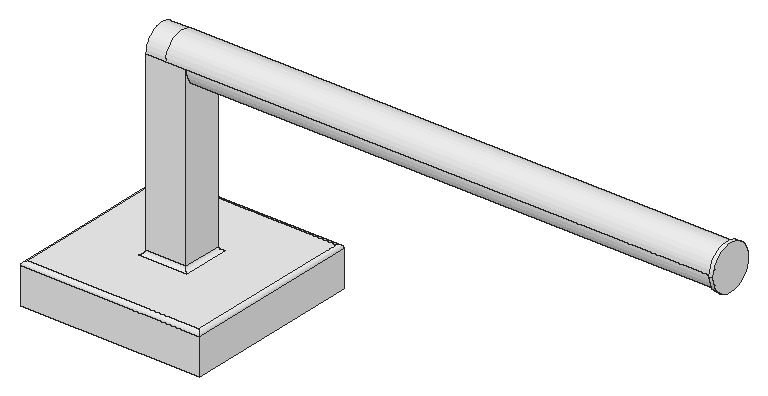
Revit family "Incepa_Acessorios_Suite_Papeleira_B5002CFCR0", category Plumbing Fixtures, host Face, Revit 2014
Parameters (values of type "Papeleira")
  Waste Connection = no
  WFU = 0
  Vent Connection = no
  URL = "http://www.incepa.com.br"
  Type Comments = ""
  Selo de Qualidade ofcdesk = "Standard"
  Model = "B8002I3CR0"
  Metais [instance] = Celite - Cromado
  Manufacturer = "Incepa"
  Keynote = ""
  Incepa: Versão = "Autodesk Revit MEP 2014"
  Incepa: Tipo = "Papeleiras"
  Incepa: Produto = "Metais"
  Incepa: Norma [instance] = "ABNT NBR 10282: 2003"
  Incepa: Linha = "Suite"
  Incepa: Informações Técnicas = "N/A"
  Incepa: Informações Gerais = "N/A"
  Incepa: Fabricante = "Incepa"
  Incepa: Descrição = "Papeleira Suite (B8002I3CR0), Acessórios - Metais Incepa"
  Incepa: Código = "B8002I3CR0"
  Incepa: Cores Disponíveis = "Cromado"
  Incepa: Copyright © = "© 2014 Incepa"
  Incepa: Categoria = "Acessórios"
  Incepa: Altura da Peça [instance] = 0 mm
  HWFU = 0
  HW Connection = no
  Desenvolvido por = "ofcdesk"
  Description = "Papeleira Suite (B8002I3CR0), Acessórios - Metais Incepa"
  Default Elevation = 1400 mm
  Cost = 0
  CWFU = 0
  CW Connection = no
  Assembly Code = "D2010"
Reference planes
  plane 1 "Center (Front/Back)": y = 0
  plane 2: z = 0
  plane 3 "Center (Left/Right)": x = 0
Forms (mm)
  Sweep 1, solid, material "Celite - Cromado" <- "Metais"
    path origin (0, 0, 0) x (1, 0, 0) y (0, 1, 0)
      loop
        line (137.5, 0) -> (0, 0)
    profile origin (68.75, 0, 0) x (0, -1, 0) y (0, 0, 1)
      loop
        circle (0, 55) r 5
  Extrusion 2, solid, material "Celite - Cromado" <- "Metais"
    sketch origin (0, 0.112, 0) x (0, 1, 0) y (0, 0, 1)
      loop
        line (4.888, 0) -> (4.888, 55)
        arc (4.888, 55) -> (-0.112, 60) -> (-5.112, 55) r 5
        line (-5.112, 55) -> (-5.112, 0) -> (4.888, 0)
    from -5 to 5
  Sweep 3, solid, material "Celite - Cromado" <- "Metais"
    path origin (0, 0, 0) x (1, 0, 0) y (0, 1, 0)
      loop
        line (-22.5, 22.5) -> (-22.5, -22.5) -> (22.5, -22.5) -> (22.5, 22.5) -> (-22.5, 22.5)
    profile origin (0, 22.5, 0) x (0, -1, 0) y (0, 0, 1)
      loop
        line (0, 0) -> (17.5, 0) -> (17.5, 11)
        arc (17.5, 11) -> (17.207, 10.293) -> (16.5, 10) r 1
        line (16.5, 10) -> (1, 10)
        arc (1, 10) -> (0.293, 9.707) -> (0, 9) r 1
        line (0, 9) -> (0, 0)
  Extrusion 4, solid, material "Celite - Cromado" <- "Metais"
    sketch origin (137.5, 0, 0) x (0, 1, 0) y (0, 0, 1)
      loop
        circle (0, 55) r 5.5
    from -1 to 0
Cuts and joins
  joined: Sweep 1, Extrusion 2, Sweep 3, Extrusion 4
Dimensions and locks
  aligned and locked: plane 2 to host face
  aligned and locked: level to host face
